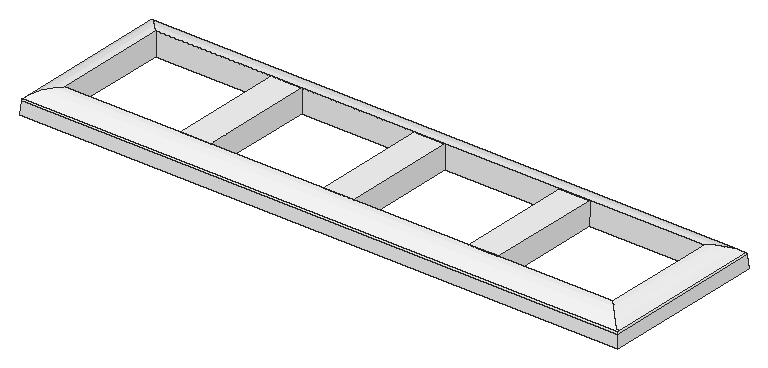
Revit family "Gira_021401", category Electrical Fixtures, host Face, Revit 2017
Family settings
  Host = Face
  Maintain Annotation Orientation = No
  Round Connector Dimension = Use Diameter
  Part Type = Normal
  Cut with Voids When Loaded = No
  Shared = No
  Room Calculation Point = No
Parameters (values of type "Abdeckrahmen 4f Standard 55 Cremeweiß")
  Werkstoffgüte = "Thermoplast"
  Werkstoff = "Kunststoff"
  URL = "http://katalog.gira.de/de_DE/datenblatt.html?artikelnr=021401"
  Transparent = "No"
  Textfeld/Beschriftungsfläche = "No"
  Schutzart (IP) = "IP20"
  Region = "DE"
  RAL-Nummer (ähnlich) = "1013 "
  Oberfläche = "sonstige"
  Name = "Abdeckrahmen 4f Standard 55 Cremeweiß"
  Montagerichtung = "horizontal und vertikal"
  Mit Montagerahmen = "No"
  Mit Klappdeckel = "No"
  Manufacturer URL = "https://www.gira.de/"
  Keynote = "Std55_Rahmen_4fach"
  HeinzeBIM = "https://bimportal.heinze.de/bim/abdeckrahmen-4f-standard-55-cremeweiss/0c5da1c4d7d8871fbf45d7ec72ca87cf7093aaea"
  Halogenfrei = "Yes"
  HAN = "021401"
  Geeignet für Unterputz-Installation = "Yes"
  Geeignet für Unterflurkanaldose = "No"
  Geeignet für Geräteeinbaukanal = "No"
  Geeignet für Einbauinstallation = "No"
  GTIN = "4010337214014"
  Farbe = "cremeweiß (elektroweiß)"
  Default Elevation = 1219.2 mm
  Data sheet (1) = "https://katalog.gira.de/de_DE/download.html?artikelnr=021401"
  Category = "Abdeckrahmen"
  Befestigungsart = "Klemmbefestigung"
  Available = "Yes"
  Ausführung der Oberfläche = "glänzend"
  Anzahl der Einheiten vertikal = "4 "
  Anzahl der Einheiten horizontal = "4 "
  Anzahl der Einheiten = "4 "
Reference planes
  plane 1 "Center (Front/Back)": y = 0
  plane 2: z = 0
  plane 3 "Center (Left/Right)": x = 0
  plane 4: x = -40.3
  plane 5: x = 40.3
  plane 6: y = -147.3
  plane 7: y = 147.3
  plane 8: y = -71.3
  plane 9: y = 71.3
Forms (mm)
  Sweep 1, solid, material "White", detail levels fine
    path origin (0, 0, 0) x (0, -1, 0) y (1, 0, 0)
      loop
        line (40.3, 147.3) -> (-40.3, 147.3) -> (-40.3, -147.3) -> (40.3, -147.3) -> (40.3, 147.3)
    profile origin (147.3, 0, 0) x (-1, 0, 0) y (0, 0, 1)
      loop
        arc (12.22, 11.373) -> (5.983, 10.294) -> (0.641, 6.901) r 16.145
        arc (0.641, 6.901) -> (0.395, 6.426) -> (0.309, 5.898) r 1.694
        line (0.309, 5.898) -> (0, 0) -> (12.319, 0) -> (12.22, 11.373)
  Extrusion 2, solid, material "White", detail levels fine
    sketch origin (-70.7, 0, 0) x (1, 0, 0) y (0, 0, 1)
      loop
        line (7.4, 0) -> (7.4, 11.373) -> (-7.4, 11.373) -> (-7.4, 0) -> (7.4, 0)
    from -28.08 to 28.08
  Extrusion 3, solid, material "White", detail levels fine
    sketch origin (71.3, 0, 0) x (1, 0, 0) y (0, 0, 1)
      loop
        line (7.4, 0) -> (7.4, 11.373) -> (-7.4, 11.373) -> (-7.4, 0) -> (7.4, 0)
    from -28.08 to 28.08
  Extrusion 4, solid, material "White", detail levels fine
    sketch origin (0, 0, 0) x (1, 0, 0) y (0, 0, 1)
      loop
        line (7.4, 0) -> (7.4, 11.373) -> (-7.4, 11.373) -> (-7.4, 0) -> (7.4, 0)
    from -28.08 to 28.08
  Extrusion 5, solid, material "White", detail levels coarse+medium
    sketch origin (0, 0, 0) x (0, -1, 0) y (1, 0, 0)
      loop
        line (-40.3, 147.3) -> (-40.3, -147.3) -> (40.3, -147.3) -> (40.3, 147.3) -> (-40.3, 147.3)
    from 0 to 11.373
Dimensions and locks
  aligned and locked: plane 2 to host face
  aligned and locked: level to host face
